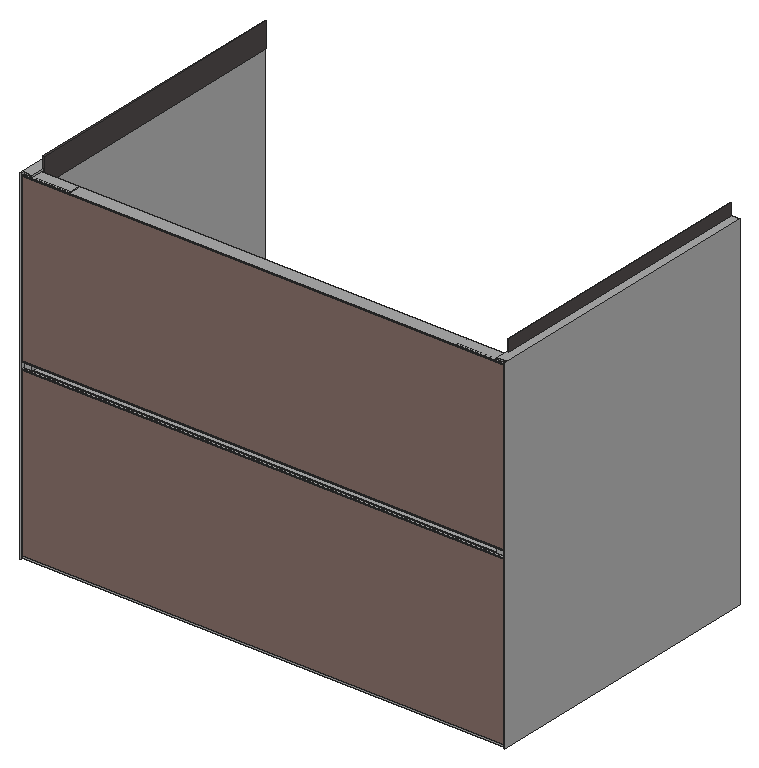
Revit family "vanity unit-hansgrohe-54180XXX-Xevolos E Vanity unit Slate Matt Grey 780_475 with 2 drawers for washbasin", category Furniture, Revit 2019
Family settings
  OmniClass Number = 23.40.00.00
  OmniClass Title = Equipment and Furnishings
  Work Plane-Based = No
  Always vertical = Yes
  Cut with Voids When Loaded = No
  Shared = Yes
  Room Calculation Point = No
Parameters (values of type "54180730-SLATE_MATT_GREY-DARK_OAK-400")
  etim7_EC011381 = "EC011381"
  WEIGHT = "37.3"
  UNSPSC = "56 | Furniture and Furnishings"
  UNIFORMATII = "E2010 | Fixed Furnishings"
  UNICLASS_2015_CODE = "40_30_78_05"
  UNICLASS2015 = "Pr_40_30_78_05 | Bathroom furniture"
  SURFACE = "DARK_OAK"
  REGION = "Worldwide"
  PRODUCTURL = "https://pro.hansgrohe.com/articledetail--54180770"
  PERMALINK = "54180XXX"
  OMNICLASS = "23-21 19 15 33 13 | Residential Bathroom Specialty Casework"
  OBJECTTYPE = "Object (single object)"
  OBERFLAECHE = "SLATE_MATT_GREY"
  NN = "Vanity unit with 2 drawers for handrinse basin"
  NBSYN = "$ARTNR.-$OBERFLAECHE.-$SURFACE.-$LODLEVEL."
  NB = "54180730-SLATE_MATT_GREY-DARK_OAK-400"
  NAME = "Xevolos E Vanity unit Slate Matt Grey 780/475 with 2 drawers for washbasin"
  Model = "54180730-SLATE_MATT_GREY-DARK_OAK-400"
  Manufacturer = "Hansgrohe"
  MIdent = "{$CADENAS_DATA/23d-libs/hansgrohe/xevolos_furniture/xevolos_vanity_unit_2_drawers_handrinse_basin/vanity_unit_2_drawers_for_handrinse_basin.prj},263 {VTYP=3D},{NB=54180730-SLATE_MATT_GREY-DARK_OAK-400},{LINA=54180730-SLATE_MATT_GREY-DARK_OAK-400},{NN=Vanity unit with 2 drawers for handrinse basin},{DATE=13.03.2023 12:26:32},{GEOMDATE=12.03.2023 06:54:00},{VERSION=},{LINEID=750},{WBVAR=LODLEVEL},{WBNUMERIC=}  {NB=54180730-SLATE_MATT_GREY-DARK_OAK-400},{LINA=54180730-SLATE_MATT_GREY-DARK_OAK-400},{KT=DUMMY},{IDNR=26},{ARTNR=54180730},{BASENUMBER=54180},{MODEL=54180XXX},{OBERFLAECHE=SLATE_MATT_GREY},{SURFACE=DARK_OAK},{L=780},{LODLEVEL=400},{LODLEVELX='400','400','200','200'},{NAME=Xevolos E Vanity unit Slate Matt Grey 780/475 with 2 drawers for washbasin},{PERMALINK=54180XXX},{OBJECTTYPE=Object (single object)},{BIMOBJECT=Sanitary: Compound units},{COLLECTIONSET=Xevolos E},{COLLECTION=vanity unit},{WEIGHT=37.3},{DESCRIPTION=Xevolos E Vanity unit Slate Matt Grey 780/475 with 2 drawers for washbasin},{PRODUCTURL=https://pro.hansgrohe.com/articledetail--54180770},{GTINCODE=0},{TENDERURL=0},{IFC=Furnishing element},{ETIM=EC011381 | Bathroom furniture set},{UNICLASS2015=Pr_40_30_78_05 | Bathroom furniture},{OMNICLASS=23-21 19 15 33 13 | Residential Bathroom Specialty Casework},{MASTERFORMAT=12 35 30.23 | Bathroom Casework},{UNSPSC=56 | Furniture and Furnishings},{UNIFORMATII=E2010 | Fixed Furnishings},{REGION=Worldwide},{DESIGN=Germany},{MANUFACTURER=Germany}"
  MASTERFORMAT = "12 35 30.23 | Bathroom Casework"
  LODLEVEL = "400"
  LINA = "54180730-SLATE_MATT_GREY-DARK_OAK-400"
  L = 780
  IFC = "Furnishing element"
  IDNR = 26
  ETIM = "EC011381 | Bathroom furniture set"
  DESIGN = "Germany"
  COLLECTIONSET = "Xevolos E"
  COLLECTION = "vanity unit"
  CATALOG = "Hansgrohe"
  BIMOBJECT = "Sanitary: Compound units"
  BASENUMBER = "54180"
  ARTNR = "54180730"
  54180770-SLATE_MATT_GREY-METALLIC_SLATE_GREY-400_RX0RY0RZ0TX0TY0TZ0_V = no
  54180770-SLATE_MATT_GREY-METALLIC_SLATE_GREY-200_RX0RY0RZ0TX0TY0TZ0_V = no
  54180730-SLATE_MATT_GREY-DARK_OAK-400_RX0RY0RZ0TX0TY0TZ0_V = yes
  54180730-SLATE_MATT_GREY-DARK_OAK-200_RX0RY0RZ0TX0TY0TZ0_V = no
  54180390-SLATE_MATT_GREY-PATTEREND_BRONZE-400_RX0RY0RZ0TX0TY0TZ0_V = no
  54180390-SLATE_MATT_GREY-PATTEREND_BRONZE-200_RX0RY0RZ0TX0TY0TZ0_V = no
Types (6, lengths in mm): name | SURFACE | NB | Model | MIdent | LODLEVEL | LINA | IDNR | ARTNR | 54180770-SLATE_MATT_GREY-METALLIC_SLATE_GREY-400_RX0RY0RZ0TX0TY0TZ0_V | 54180770-SLATE_MATT_GREY-METALLIC_SLATE_GREY-200_RX0RY0RZ0TX0TY0TZ0_V | 54180730-SLATE_MATT_GREY-DARK_OAK-400_RX0RY0RZ0TX0TY0TZ0_V | 54180730-SLATE_MATT_GREY-DARK_OAK-200_RX0RY0RZ0TX0TY0TZ0_V | 54180390-SLATE_MATT_GREY-PATTEREND_BRONZE-400_RX0RY0RZ0TX0TY0TZ0_V | 54180390-SLATE_MATT_GREY-PATTEREND_BRONZE-200_RX0RY0RZ0TX0TY0TZ0_V
  54180390-SLATE_MATT_GREY-PATTEREND_BRONZE-200 | "PATTEREND_BRONZE" | "54180390-SLATE_MATT_GREY-PATTEREND_BRONZE-200" | "54180390-SLATE_MATT_GREY-PATTEREND_BRONZE-200" | "{$CADENAS_DATA/23d-libs/hansgrohe/xevolos_furniture/xevolos_vanity_unit_2_drawers_handrinse_basin/vanity_unit_2_drawers_for_handrinse_basin.prj},279 {VTYP=3D},{NB=54180390-SLATE_MATT_GREY-PATTEREND_BRONZE-200},{LINA=54180390-SLATE_MATT_GREY-PATTEREND_BRONZE-200},{NN=Vanity unit with 2 drawers for handrinse basin},{DATE=13.03.2023 12:26:32},{GEOMDATE=12.03.2023 06:54:00},{VERSION=},{LINEID=740},{WBVAR=LODLEVEL},{WBNUMERIC=}  {NB=54180390-SLATE_MATT_GREY-PATTEREND_BRONZE-200},{LINA=54180390-SLATE_MATT_GREY-PATTEREND_BRONZE-200},{KT=DUMMY},{IDNR=25},{ARTNR=54180390},{BASENUMBER=54180},{MODEL=54180XXX},{OBERFLAECHE=SLATE_MATT_GREY},{SURFACE=PATTEREND_BRONZE},{L=780},{LODLEVEL=200},{LODLEVELX='400','400','200','200'},{NAME=Xevolos E Vanity unit Slate Matt Grey 780/475 with 2 drawers for washbasin},{PERMALINK=54180XXX},{OBJECTTYPE=Object (single object)},{BIMOBJECT=Sanitary: Compound units},{COLLECTIONSET=Xevolos E},{COLLECTION=vanity unit},{WEIGHT=37.3},{DESCRIPTION=Xevolos E Vanity unit Slate Matt Grey 780/475 with 2 drawers for washbasin},{PRODUCTURL=https://pro.hansgrohe.com/articledetail--54180770},{GTINCODE=0},{TENDERURL=0},{IFC=Furnishing element},{ETIM=EC011381 | Bathroom furniture set},{UNICLASS2015=Pr_40_30_78_05 | Bathroom furniture},{OMNICLASS=23-21 19 15 33 13 | Residential Bathroom Specialty Casework},{MASTERFORMAT=12 35 30.23 | Bathroom Casework},{UNSPSC=56 | Furniture and Furnishings},{UNIFORMATII=E2010 | Fixed Furnishings},{REGION=Worldwide},{DESIGN=Germany},{MANUFACTURER=Germany}" | "200" | "54180390-SLATE_MATT_GREY-PATTEREND_BRONZE-200" | 25 | "54180390" | no | no | no | no | no | yes
  54180390-SLATE_MATT_GREY-PATTEREND_BRONZE-400 | "PATTEREND_BRONZE" | "54180390-SLATE_MATT_GREY-PATTEREND_BRONZE-400" | "54180390-SLATE_MATT_GREY-PATTEREND_BRONZE-400" | "{$CADENAS_DATA/23d-libs/hansgrohe/xevolos_furniture/xevolos_vanity_unit_2_drawers_handrinse_basin/vanity_unit_2_drawers_for_handrinse_basin.prj},279 {VTYP=3D},{NB=54180390-SLATE_MATT_GREY-PATTEREND_BRONZE-400},{LINA=54180390-SLATE_MATT_GREY-PATTEREND_BRONZE-400},{NN=Vanity unit with 2 drawers for handrinse basin},{DATE=13.03.2023 12:26:32},{GEOMDATE=12.03.2023 06:54:00},{VERSION=},{LINEID=740},{WBVAR=LODLEVEL},{WBNUMERIC=}  {NB=54180390-SLATE_MATT_GREY-PATTEREND_BRONZE-400},{LINA=54180390-SLATE_MATT_GREY-PATTEREND_BRONZE-400},{KT=DUMMY},{IDNR=25},{ARTNR=54180390},{BASENUMBER=54180},{MODEL=54180XXX},{OBERFLAECHE=SLATE_MATT_GREY},{SURFACE=PATTEREND_BRONZE},{L=780},{LODLEVEL=400},{LODLEVELX='400','400','200','200'},{NAME=Xevolos E Vanity unit Slate Matt Grey 780/475 with 2 drawers for washbasin},{PERMALINK=54180XXX},{OBJECTTYPE=Object (single object)},{BIMOBJECT=Sanitary: Compound units},{COLLECTIONSET=Xevolos E},{COLLECTION=vanity unit},{WEIGHT=37.3},{DESCRIPTION=Xevolos E Vanity unit Slate Matt Grey 780/475 with 2 drawers for washbasin},{PRODUCTURL=https://pro.hansgrohe.com/articledetail--54180770},{GTINCODE=0},{TENDERURL=0},{IFC=Furnishing element},{ETIM=EC011381 | Bathroom furniture set},{UNICLASS2015=Pr_40_30_78_05 | Bathroom furniture},{OMNICLASS=23-21 19 15 33 13 | Residential Bathroom Specialty Casework},{MASTERFORMAT=12 35 30.23 | Bathroom Casework},{UNSPSC=56 | Furniture and Furnishings},{UNIFORMATII=E2010 | Fixed Furnishings},{REGION=Worldwide},{DESIGN=Germany},{MANUFACTURER=Germany}" | "400" | "54180390-SLATE_MATT_GREY-PATTEREND_BRONZE-400" | 25 | "54180390" | no | no | no | no | yes | no
  54180730-SLATE_MATT_GREY-DARK_OAK-200 | "DARK_OAK" | "54180730-SLATE_MATT_GREY-DARK_OAK-200" | "54180730-SLATE_MATT_GREY-DARK_OAK-200" | "{$CADENAS_DATA/23d-libs/hansgrohe/xevolos_furniture/xevolos_vanity_unit_2_drawers_handrinse_basin/vanity_unit_2_drawers_for_handrinse_basin.prj},263 {VTYP=3D},{NB=54180730-SLATE_MATT_GREY-DARK_OAK-200},{LINA=54180730-SLATE_MATT_GREY-DARK_OAK-200},{NN=Vanity unit with 2 drawers for handrinse basin},{DATE=13.03.2023 12:26:32},{GEOMDATE=12.03.2023 06:54:00},{VERSION=},{LINEID=750},{WBVAR=LODLEVEL},{WBNUMERIC=}  {NB=54180730-SLATE_MATT_GREY-DARK_OAK-200},{LINA=54180730-SLATE_MATT_GREY-DARK_OAK-200},{KT=DUMMY},{IDNR=26},{ARTNR=54180730},{BASENUMBER=54180},{MODEL=54180XXX},{OBERFLAECHE=SLATE_MATT_GREY},{SURFACE=DARK_OAK},{L=780},{LODLEVEL=200},{LODLEVELX='400','400','200','200'},{NAME=Xevolos E Vanity unit Slate Matt Grey 780/475 with 2 drawers for washbasin},{PERMALINK=54180XXX},{OBJECTTYPE=Object (single object)},{BIMOBJECT=Sanitary: Compound units},{COLLECTIONSET=Xevolos E},{COLLECTION=vanity unit},{WEIGHT=37.3},{DESCRIPTION=Xevolos E Vanity unit Slate Matt Grey 780/475 with 2 drawers for washbasin},{PRODUCTURL=https://pro.hansgrohe.com/articledetail--54180770},{GTINCODE=0},{TENDERURL=0},{IFC=Furnishing element},{ETIM=EC011381 | Bathroom furniture set},{UNICLASS2015=Pr_40_30_78_05 | Bathroom furniture},{OMNICLASS=23-21 19 15 33 13 | Residential Bathroom Specialty Casework},{MASTERFORMAT=12 35 30.23 | Bathroom Casework},{UNSPSC=56 | Furniture and Furnishings},{UNIFORMATII=E2010 | Fixed Furnishings},{REGION=Worldwide},{DESIGN=Germany},{MANUFACTURER=Germany}" | "200" | "54180730-SLATE_MATT_GREY-DARK_OAK-200" | 26 | "54180730" | no | no | no | yes | no | no
  54180730-SLATE_MATT_GREY-DARK_OAK-400 | "DARK_OAK" | "54180730-SLATE_MATT_GREY-DARK_OAK-400" | "54180730-SLATE_MATT_GREY-DARK_OAK-400" | "{$CADENAS_DATA/23d-libs/hansgrohe/xevolos_furniture/xevolos_vanity_unit_2_drawers_handrinse_basin/vanity_unit_2_drawers_for_handrinse_basin.prj},263 {VTYP=3D},{NB=54180730-SLATE_MATT_GREY-DARK_OAK-400},{LINA=54180730-SLATE_MATT_GREY-DARK_OAK-400},{NN=Vanity unit with 2 drawers for handrinse basin},{DATE=13.03.2023 12:26:32},{GEOMDATE=12.03.2023 06:54:00},{VERSION=},{LINEID=750},{WBVAR=LODLEVEL},{WBNUMERIC=}  {NB=54180730-SLATE_MATT_GREY-DARK_OAK-400},{LINA=54180730-SLATE_MATT_GREY-DARK_OAK-400},{KT=DUMMY},{IDNR=26},{ARTNR=54180730},{BASENUMBER=54180},{MODEL=54180XXX},{OBERFLAECHE=SLATE_MATT_GREY},{SURFACE=DARK_OAK},{L=780},{LODLEVEL=400},{LODLEVELX='400','400','200','200'},{NAME=Xevolos E Vanity unit Slate Matt Grey 780/475 with 2 drawers for washbasin},{PERMALINK=54180XXX},{OBJECTTYPE=Object (single object)},{BIMOBJECT=Sanitary: Compound units},{COLLECTIONSET=Xevolos E},{COLLECTION=vanity unit},{WEIGHT=37.3},{DESCRIPTION=Xevolos E Vanity unit Slate Matt Grey 780/475 with 2 drawers for washbasin},{PRODUCTURL=https://pro.hansgrohe.com/articledetail--54180770},{GTINCODE=0},{TENDERURL=0},{IFC=Furnishing element},{ETIM=EC011381 | Bathroom furniture set},{UNICLASS2015=Pr_40_30_78_05 | Bathroom furniture},{OMNICLASS=23-21 19 15 33 13 | Residential Bathroom Specialty Casework},{MASTERFORMAT=12 35 30.23 | Bathroom Casework},{UNSPSC=56 | Furniture and Furnishings},{UNIFORMATII=E2010 | Fixed Furnishings},{REGION=Worldwide},{DESIGN=Germany},{MANUFACTURER=Germany}" | "400" | "54180730-SLATE_MATT_GREY-DARK_OAK-400" | 26 | "54180730" | no | no | yes | no | no | no
  54180770-SLATE_MATT_GREY-METALLIC_SLATE_GREY-200 | "METALLIC_SLATE_GREY" | "54180770-SLATE_MATT_GREY-METALLIC_SLATE_GREY-200" | "54180770-SLATE_MATT_GREY-METALLIC_SLATE_GREY-200" | "{$CADENAS_DATA/23d-libs/hansgrohe/xevolos_furniture/xevolos_vanity_unit_2_drawers_handrinse_basin/vanity_unit_2_drawers_for_handrinse_basin.prj},285 {VTYP=3D},{NB=54180770-SLATE_MATT_GREY-METALLIC_SLATE_GREY-200},{LINA=54180770-SLATE_MATT_GREY-METALLIC_SLATE_GREY-200},{NN=Vanity unit with 2 drawers for handrinse basin},{DATE=13.03.2023 12:26:32},{GEOMDATE=12.03.2023 06:54:00},{VERSION=},{LINEID=760},{WBVAR=LODLEVEL},{WBNUMERIC=}  {NB=54180770-SLATE_MATT_GREY-METALLIC_SLATE_GREY-200},{LINA=54180770-SLATE_MATT_GREY-METALLIC_SLATE_GREY-200},{KT=DUMMY},{IDNR=27},{ARTNR=54180770},{BASENUMBER=54180},{MODEL=54180XXX},{OBERFLAECHE=SLATE_MATT_GREY},{SURFACE=METALLIC_SLATE_GREY},{L=780},{LODLEVEL=200},{LODLEVELX='400','400','200','200'},{NAME=Xevolos E Vanity unit Slate Matt Grey 780/475 with 2 drawers for washbasin},{PERMALINK=54180XXX},{OBJECTTYPE=Object (single object)},{BIMOBJECT=Sanitary: Compound units},{COLLECTIONSET=Xevolos E},{COLLECTION=vanity unit},{WEIGHT=37.3},{DESCRIPTION=Xevolos E Vanity unit Slate Matt Grey 780/475 with 2 drawers for washbasin},{PRODUCTURL=https://pro.hansgrohe.com/articledetail--54180770},{GTINCODE=0},{TENDERURL=0},{IFC=Furnishing element},{ETIM=EC011381 | Bathroom furniture set},{UNICLASS2015=Pr_40_30_78_05 | Bathroom furniture},{OMNICLASS=23-21 19 15 33 13 | Residential Bathroom Specialty Casework},{MASTERFORMAT=12 35 30.23 | Bathroom Casework},{UNSPSC=56 | Furniture and Furnishings},{UNIFORMATII=E2010 | Fixed Furnishings},{REGION=Worldwide},{DESIGN=Germany},{MANUFACTURER=Germany}" | "200" | "54180770-SLATE_MATT_GREY-METALLIC_SLATE_GREY-200" | 27 | "54180770" | no | yes | no | no | no | no
  54180770-SLATE_MATT_GREY-METALLIC_SLATE_GREY-400 | "METALLIC_SLATE_GREY" | "54180770-SLATE_MATT_GREY-METALLIC_SLATE_GREY-400" | "54180770-SLATE_MATT_GREY-METALLIC_SLATE_GREY-400" | "{$CADENAS_DATA/23d-libs/hansgrohe/xevolos_furniture/xevolos_vanity_unit_2_drawers_handrinse_basin/vanity_unit_2_drawers_for_handrinse_basin.prj},285 {VTYP=3D},{NB=54180770-SLATE_MATT_GREY-METALLIC_SLATE_GREY-400},{LINA=54180770-SLATE_MATT_GREY-METALLIC_SLATE_GREY-400},{NN=Vanity unit with 2 drawers for handrinse basin},{DATE=13.03.2023 12:26:32},{GEOMDATE=12.03.2023 06:54:00},{VERSION=},{LINEID=760},{WBVAR=LODLEVEL},{WBNUMERIC=}  {NB=54180770-SLATE_MATT_GREY-METALLIC_SLATE_GREY-400},{LINA=54180770-SLATE_MATT_GREY-METALLIC_SLATE_GREY-400},{KT=DUMMY},{IDNR=27},{ARTNR=54180770},{BASENUMBER=54180},{MODEL=54180XXX},{OBERFLAECHE=SLATE_MATT_GREY},{SURFACE=METALLIC_SLATE_GREY},{L=780},{LODLEVEL=400},{LODLEVELX='400','400','200','200'},{NAME=Xevolos E Vanity unit Slate Matt Grey 780/475 with 2 drawers for washbasin},{PERMALINK=54180XXX},{OBJECTTYPE=Object (single object)},{BIMOBJECT=Sanitary: Compound units},{COLLECTIONSET=Xevolos E},{COLLECTION=vanity unit},{WEIGHT=37.3},{DESCRIPTION=Xevolos E Vanity unit Slate Matt Grey 780/475 with 2 drawers for washbasin},{PRODUCTURL=https://pro.hansgrohe.com/articledetail--54180770},{GTINCODE=0},{TENDERURL=0},{IFC=Furnishing element},{ETIM=EC011381 | Bathroom furniture set},{UNICLASS2015=Pr_40_30_78_05 | Bathroom furniture},{OMNICLASS=23-21 19 15 33 13 | Residential Bathroom Specialty Casework},{MASTERFORMAT=12 35 30.23 | Bathroom Casework},{UNSPSC=56 | Furniture and Furnishings},{UNIFORMATII=E2010 | Fixed Furnishings},{REGION=Worldwide},{DESIGN=Germany},{MANUFACTURER=Germany}" | "400" | "54180770-SLATE_MATT_GREY-METALLIC_SLATE_GREY-400" | 27 | "54180770" | yes | no | no | no | no | no
Reference planes
  plane 1 "Center (Front/Back)": y = 0
  plane 2: z = 0
  plane 3 "Center (Left/Right)": x = 0
Dimensions and locks
  aligned and locked: level to plane 2
Nested families
  nested 1: "54180390-slate_matt_grey-patterend_bronze-200_content" at (0, 0, 0), visible <- "54180390-SLATE_MATT_GREY-PATTEREND_BRONZE-200_RX0RY0RZ0TX0TY0TZ0_V", ContentVisible <- "54180390-SLATE_MATT_GREY-PATTEREND_BRONZE-200_RX0RY0RZ0TX0TY0TZ0_V", type "54180390-SLATE_MATT_GREY-PATTEREND_BRONZE-200_Content"
    with ContentVisible no
  nested 2: "54180390-slate_matt_grey-patterend_bronze-400_content" at (0, 0, 0), visible <- "54180390-SLATE_MATT_GREY-PATTEREND_BRONZE-400_RX0RY0RZ0TX0TY0TZ0_V", ContentVisible <- "54180390-SLATE_MATT_GREY-PATTEREND_BRONZE-400_RX0RY0RZ0TX0TY0TZ0_V", type "54180390-SLATE_MATT_GREY-PATTEREND_BRONZE-400_Content"
    with ContentVisible no
  nested 3: "54180730-slate_matt_grey-dark_oak-200_content" at (0, 0, 0), visible <- "54180730-SLATE_MATT_GREY-DARK_OAK-200_RX0RY0RZ0TX0TY0TZ0_V", ContentVisible <- "54180730-SLATE_MATT_GREY-DARK_OAK-200_RX0RY0RZ0TX0TY0TZ0_V", type "54180730-SLATE_MATT_GREY-DARK_OAK-200_Content"
    with ContentVisible no
  nested 4: "54180730-slate_matt_grey-dark_oak-400_content" at (0, 0, 0), visible <- "54180730-SLATE_MATT_GREY-DARK_OAK-400_RX0RY0RZ0TX0TY0TZ0_V", ContentVisible <- "54180730-SLATE_MATT_GREY-DARK_OAK-400_RX0RY0RZ0TX0TY0TZ0_V", type "54180730-SLATE_MATT_GREY-DARK_OAK-400_Content"
    with ContentVisible yes
  nested 5: "54180770-slate_matt_grey-metallic_slate_grey-200_content" at (0, 0, 0), visible <- "54180770-SLATE_MATT_GREY-METALLIC_SLATE_GREY-200_RX0RY0RZ0TX0TY0TZ0_V", ContentVisible <- "54180770-SLATE_MATT_GREY-METALLIC_SLATE_GREY-200_RX0RY0RZ0TX0TY0TZ0_V", type "54180770-SLATE_MATT_GREY-METALLIC_SLATE_GREY-200_Content"
    with ContentVisible no
  nested 6: "54180770-slate_matt_grey-metallic_slate_grey-400_content" at (0, 0, 0), visible <- "54180770-SLATE_MATT_GREY-METALLIC_SLATE_GREY-400_RX0RY0RZ0TX0TY0TZ0_V", ContentVisible <- "54180770-SLATE_MATT_GREY-METALLIC_SLATE_GREY-400_RX0RY0RZ0TX0TY0TZ0_V", type "54180770-SLATE_MATT_GREY-METALLIC_SLATE_GREY-400_Content"
    with ContentVisible no
Definition of nested family "54180730-slate_matt_grey-dark_oak-400_content"
  Parameters (values of type "54180730-SLATE_MATT_GREY-DARK_OAK-400_Content")
    etim7_EC011381 = "EC011381"
    WEIGHT = "37.3"
    UNSPSC = "56 | Furniture and Furnishings"
    UNIFORMATII = "E2010 | Fixed Furnishings"
    UNICLASS_2015_CODE = "40_30_78_05"
    UNICLASS2015 = "Pr_40_30_78_05 | Bathroom furniture"
    SURFACE = "DARK_OAK"
    REGION = "Worldwide"
    PRODUCTURL = "https://pro.hansgrohe.com/articledetail--54180770"
    PERMALINK = "54180XXX"
    OMNICLASS = "23-21 19 15 33 13 | Residential Bathroom Specialty Casework"
    OBJECTTYPE = "Object (single object)"
    OBERFLAECHE = "SLATE_MATT_GREY"
    NN = "Vanity unit with 2 drawers for handrinse basin"
    NBSYN = "$ARTNR.-$OBERFLAECHE.-$SURFACE.-$LODLEVEL."
    NB = "54180730-SLATE_MATT_GREY-DARK_OAK-400"
    NAME = "Xevolos E Vanity unit Slate Matt Grey 780/475 with 2 drawers for washbasin"
    Model = "54180730-SLATE_MATT_GREY-DARK_OAK-400"
    Manufacturer = "Hansgrohe"
    MASTERFORMAT = "12 35 30.23 | Bathroom Casework"
    LODLEVEL = "400"
    LINA = "54180730-SLATE_MATT_GREY-DARK_OAK-400"
    L = 780
    IFC = "Furnishing element"
    IDNR = 26
    ETIM = "EC011381 | Bathroom furniture set"
    Default Elevation = 1219.2 mm
    DESIGN = "Germany"
    ContentVisible [instance] = yes
    COLLECTIONSET = "Xevolos E"
    COLLECTION = "vanity unit"
    CATALOG = "Hansgrohe"
    BIMOBJECT = "Sanitary: Compound units"
    BASENUMBER = "54180"
    ARTNR = "54180730"
  Reference planes
    plane 1 "Center (Front/Back)": y = 0
    plane 2: z = 0
    plane 3 "Center (Left/Right)": x = 0
  Forms (mm)
    Extrusion 1, solid, visible <- "ContentVisible", detail levels medium+fine
      sketch origin (0, 0, 0) x (1, 0, 0) y (0, 1, 0)
        loop
          line (-390, 0) -> (-390, -472.3) -> (-388, -472.3) -> (-388, -468.3) -> (-374, -468.3) -> (-374, 0) -> (-390, 0)
      from 0 to 556
    Extrusion 2, solid, visible <- "ContentVisible", detail levels medium+fine
      sketch origin (0, 0, 0) x (1, 0, 0) y (0, 1, 0)
        loop
          line (-374, -79) -> (-374, -445.5) -> (374, -445.5) -> (374, -79) -> (-374, -79)
      from 0 to 16
    Extrusion 3, solid, visible <- "ContentVisible", detail levels medium+fine
      sketch origin (0, 0, 0) x (1, 0, 0) y (0, 1, 0)
        loop
          line (374, 0) -> (374, -468.3) -> (388, -468.3) -> (388, -472.3) -> (390, -472.3) -> (390, 0) -> (374, 0)
      from 0 to 556
    Extrusion 4, solid, visible <- "ContentVisible", detail levels medium+fine
      sketch origin (0, 0, 0.5) x (1, 0, 0) y (0, 1, 0)
        loop
          line (-374, -63) -> (-374, -79) -> (374, -79) -> (374, -63) -> (-374, -63)
      from 0 to 126
    Extrusion 5, solid, visible <- "ContentVisible", detail levels medium+fine
      sketch origin (0, 0, 2) x (1, 0, 0) y (0, 1, 0)
        loop
          line (-388, -451) -> (-388, -472.3) -> (388, -472.3) -> (388, -451) -> (-388, -451)
      from 0 to 2
    Extrusion 6, solid, visible <- "ContentVisible", detail levels medium+fine
      sketch origin (0, 0, 554) x (1, 0, 0) y (0, 1, 0)
        loop
          line (-388, -451) -> (-388, -472.3) -> (388, -472.3) -> (388, -451) -> (-388, -451)
      from -2 to 0
    Extrusion 7, solid, visible <- "ContentVisible", detail levels medium+fine
      sketch origin (0, -468.3, 0) x (1, 0, 0) y (0, 0, -1)
        loop
          line (-388, -272.5) -> (388, -272.5) -> (388, -4.5) -> (-388, -4.5) -> (-388, -272.5)
      from -4 to 0
    Extrusion 8, solid, visible <- "ContentVisible", detail levels medium+fine
      sketch origin (0, -468.3, 0) x (1, 0, 0) y (0, 0, -1)
        loop
          line (-388, -553.5) -> (388, -553.5) -> (388, -285.5) -> (-388, -285.5) -> (-388, -553.5)
      from -4 to 0
    Extrusion 9, solid, visible <- "ContentVisible", detail levels medium+fine
      sketch origin (0, 0, 272.5) x (1, 0, 0) y (0, 1, 0)
        loop
          line (-388, -451) -> (-388, -472.3) -> (388, -472.3) -> (388, -451) -> (-388, -451)
      from 0 to 2
    Extrusion 10, solid, visible <- "ContentVisible", detail levels medium+fine
      sketch origin (0, 0, 285.5) x (1, 0, 0) y (0, 1, 0)
        loop
          line (-388, -451) -> (-388, -472.3) -> (388, -472.3) -> (388, -451) -> (-388, -451)
      from -2 to 0
    Extrusion 11, solid, visible <- "ContentVisible", detail levels medium+fine
      sketch origin (0, -468.3, 0) x (1, 0, 0) y (0, 0, -1)
        loop
          line (-388, -274.5) -> (388, -274.5) -> (388, -4.5) -> (-388, -4.5) -> (-388, -274.5)
        loop
          line (-314, -78) -> (-314, -272.5) -> (314, -272.5) -> (314, -78) -> (-314, -78)
      from 0 to 17
    Extrusion 12, solid, visible <- "ContentVisible", detail levels medium+fine
      sketch origin (0, -468.3, 0) x (1, 0, 0) y (0, 0, -1)
        loop
          line (-388, -553.5) -> (-312, -553.5) -> (-312, -361.5) -> (312, -361.5) -> (312, -553.5) -> (388, -553.5) -> (388, -285.5) -> (-388, -285.5) -> (-388, -553.5)
      from 0 to 17
    Extrusion 13, solid, visible <- "ContentVisible", detail levels medium+fine
      sketch origin (-374, 0, 0) x (0, 0, -1) y (0, 1, 0)
        loop
          line (-574, 0) -> (-574, -446) -> (-534, -446) -> (-534, 0) -> (-574, 0)
      from 0 to 2
    Extrusion 14, solid, visible <- "ContentVisible", detail levels medium+fine
      sketch origin (374, 0, 0) x (0, 0, -1) y (0, 1, 0)
        loop
          line (-574, 0) -> (-574, -446) -> (-534, -446) -> (-534, 0) -> (-574, 0)
      from 0 to 2
    Extrusion 15, solid, visible <- "ContentVisible", detail levels medium+fine
      sketch origin (0, 0, 0) x (0, 0, -1) y (0, 1, 0)
        loop
          line (-285, -319.5) -> (-285, -444) -> (-269, -444) -> (-269, -319.5) -> (-285, -319.5)
      from -374 to 374
    Extrusion 16, solid, visible <- "ContentVisible", detail levels coarse
      sketch origin (0, -236.15, 0) x (1, 0, 0) y (0, 1, 0)
        loop
          line (-390, -236.15) -> (390, -236.15) -> (390, 236.15) -> (-390, 236.15) -> (-390, -236.15)
      from 0 to 574
  Dimensions and locks
    aligned and locked: level to plane 2
Definition of nested family "54180390-slate_matt_grey-patterend_bronze-200_content"
  Parameters (values of type "54180390-SLATE_MATT_GREY-PATTEREND_BRONZE-200_Content")
    etim7_EC011381 = "EC011381"
    WEIGHT = "37.3"
    UNSPSC = "56 | Furniture and Furnishings"
    UNIFORMATII = "E2010 | Fixed Furnishings"
    UNICLASS_2015_CODE = "40_30_78_05"
    UNICLASS2015 = "Pr_40_30_78_05 | Bathroom furniture"
    SURFACE = "PATTEREND_BRONZE"
    REGION = "Worldwide"
    PRODUCTURL = "https://pro.hansgrohe.com/articledetail--54180770"
    PERMALINK = "54180XXX"
    OMNICLASS = "23-21 19 15 33 13 | Residential Bathroom Specialty Casework"
    OBJECTTYPE = "Object (single object)"
    OBERFLAECHE = "SLATE_MATT_GREY"
    NN = "Vanity unit with 2 drawers for handrinse basin"
    NBSYN = "$ARTNR.-$OBERFLAECHE.-$SURFACE.-$LODLEVEL."
    NB = "54180390-SLATE_MATT_GREY-PATTEREND_BRONZE-200"
    NAME = "Xevolos E Vanity unit Slate Matt Grey 780/475 with 2 drawers for washbasin"
    Model = "54180390-SLATE_MATT_GREY-PATTEREND_BRONZE-200"
    Manufacturer = "Hansgrohe"
    MASTERFORMAT = "12 35 30.23 | Bathroom Casework"
    LODLEVEL = "200"
    LINA = "54180390-SLATE_MATT_GREY-PATTEREND_BRONZE-200"
    L = 780
    IFC = "Furnishing element"
    IDNR = 25
    ETIM = "EC011381 | Bathroom furniture set"
    Default Elevation = 1219.2 mm
    DESIGN = "Germany"
    ContentVisible [instance] = yes
    COLLECTIONSET = "Xevolos E"
    COLLECTION = "vanity unit"
    CATALOG = "Hansgrohe"
    BIMOBJECT = "Sanitary: Compound units"
    BASENUMBER = "54180"
    ARTNR = "54180390"
  Reference planes
    plane 1 "Center (Front/Back)": y = 0
    plane 2: z = 0
    plane 3 "Center (Left/Right)": x = 0
  Forms (mm)
    Extrusion 1, solid, visible <- "ContentVisible", detail levels medium+fine
      sketch origin (0, 0, 0) x (1, 0, 0) y (0, 1, 0)
        loop
          line (-390, 0) -> (-390, -468.3) -> (390, -468.3) -> (390, 0) -> (-390, 0)
      from 0 to 556
    Extrusion 2, solid, visible <- "ContentVisible", detail levels medium+fine
      sketch origin (0, -468.3, 0) x (1, 0, 0) y (0, 0, -1)
        loop
          line (-390, -278) -> (-388, -278) -> (-388, -4) -> (388, -4) -> (388, -278) -> (390, -278) -> (390, -2) -> (-390, -2) -> (-390, -278)
      from -4 to 0
    Extrusion 3, solid, visible <- "ContentVisible", detail levels medium+fine
      sketch origin (0, -468.3, 0) x (1, 0, 0) y (0, 0, -1)
        loop
          line (-390, -278) -> (-390, -554) -> (390, -554) -> (390, -278) -> (388, -278) -> (388, -552) -> (-388, -552) -> (-388, -278) -> (-390, -278)
      from -4 to 0
    Extrusion 4, solid, visible <- "ContentVisible", detail levels medium+fine
      sketch origin (0, -468.3, 0) x (1, 0, 0) y (0, 0, -1)
        loop
          line (-388, -272.5) -> (388, -272.5) -> (388, -4.5) -> (-388, -4.5) -> (-388, -272.5)
      from -4 to 0
    Extrusion 5, solid, visible <- "ContentVisible", detail levels medium+fine
      sketch origin (0, -468.3, 0) x (1, 0, 0) y (0, 0, -1)
        loop
          line (-388, -553.5) -> (388, -553.5) -> (388, -285.5) -> (-388, -285.5) -> (-388, -553.5)
      from -4 to 0
    Extrusion 6, solid, visible <- "ContentVisible", detail levels medium+fine
      sketch origin (-374, 0, 0) x (0, 0, -1) y (0, 1, 0)
        loop
          line (-574, 0) -> (-574, -446) -> (-534, -446) -> (-534, 0) -> (-574, 0)
      from 0 to 2
    Extrusion 7, solid, visible <- "ContentVisible", detail levels medium+fine
      sketch origin (374, 0, 0) x (0, 0, -1) y (0, 1, 0)
        loop
          line (-574, 0) -> (-574, -446) -> (-534, -446) -> (-534, 0) -> (-574, 0)
      from 0 to 2
    Extrusion 8, solid, visible <- "ContentVisible", detail levels coarse
      sketch origin (0, -236.15, 0) x (1, 0, 0) y (0, 1, 0)
        loop
          line (-390, -236.15) -> (390, -236.15) -> (390, 236.15) -> (-390, 236.15) -> (-390, -236.15)
      from 0 to 574
  Dimensions and locks
    aligned and locked: level to plane 2
Definition of nested family "54180390-slate_matt_grey-patterend_bronze-400_content"
  Parameters (values of type "54180390-SLATE_MATT_GREY-PATTEREND_BRONZE-400_Content")
    etim7_EC011381 = "EC011381"
    WEIGHT = "37.3"
    UNSPSC = "56 | Furniture and Furnishings"
    UNIFORMATII = "E2010 | Fixed Furnishings"
    UNICLASS_2015_CODE = "40_30_78_05"
    UNICLASS2015 = "Pr_40_30_78_05 | Bathroom furniture"
    SURFACE = "PATTEREND_BRONZE"
    REGION = "Worldwide"
    PRODUCTURL = "https://pro.hansgrohe.com/articledetail--54180770"
    PERMALINK = "54180XXX"
    OMNICLASS = "23-21 19 15 33 13 | Residential Bathroom Specialty Casework"
    OBJECTTYPE = "Object (single object)"
    OBERFLAECHE = "SLATE_MATT_GREY"
    NN = "Vanity unit with 2 drawers for handrinse basin"
    NBSYN = "$ARTNR.-$OBERFLAECHE.-$SURFACE.-$LODLEVEL."
    NB = "54180390-SLATE_MATT_GREY-PATTEREND_BRONZE-400"
    NAME = "Xevolos E Vanity unit Slate Matt Grey 780/475 with 2 drawers for washbasin"
    Model = "54180390-SLATE_MATT_GREY-PATTEREND_BRONZE-400"
    Manufacturer = "Hansgrohe"
    MASTERFORMAT = "12 35 30.23 | Bathroom Casework"
    LODLEVEL = "400"
    LINA = "54180390-SLATE_MATT_GREY-PATTEREND_BRONZE-400"
    L = 780
    IFC = "Furnishing element"
    IDNR = 25
    ETIM = "EC011381 | Bathroom furniture set"
    Default Elevation = 1219.2 mm
    DESIGN = "Germany"
    ContentVisible [instance] = yes
    COLLECTIONSET = "Xevolos E"
    COLLECTION = "vanity unit"
    CATALOG = "Hansgrohe"
    BIMOBJECT = "Sanitary: Compound units"
    BASENUMBER = "54180"
    ARTNR = "54180390"
  Reference planes
    plane 1 "Center (Front/Back)": y = 0
    plane 2: z = 0
    plane 3 "Center (Left/Right)": x = 0
  Forms (mm)
    Extrusion 1, solid, visible <- "ContentVisible", detail levels medium+fine
      sketch origin (0, 0, 0) x (1, 0, 0) y (0, 1, 0)
        loop
          line (-390, 0) -> (-390, -472.3) -> (-388, -472.3) -> (-388, -468.3) -> (-374, -468.3) -> (-374, 0) -> (-390, 0)
      from 0 to 556
    Extrusion 2, solid, visible <- "ContentVisible", detail levels medium+fine
      sketch origin (0, 0, 0) x (1, 0, 0) y (0, 1, 0)
        loop
          line (-374, -79) -> (-374, -445.5) -> (374, -445.5) -> (374, -79) -> (-374, -79)
      from 0 to 16
    Extrusion 3, solid, visible <- "ContentVisible", detail levels medium+fine
      sketch origin (0, 0, 0) x (1, 0, 0) y (0, 1, 0)
        loop
          line (374, 0) -> (374, -468.3) -> (388, -468.3) -> (388, -472.3) -> (390, -472.3) -> (390, 0) -> (374, 0)
      from 0 to 556
    Extrusion 4, solid, visible <- "ContentVisible", detail levels medium+fine
      sketch origin (0, 0, 0.5) x (1, 0, 0) y (0, 1, 0)
        loop
          line (-374, -63) -> (-374, -79) -> (374, -79) -> (374, -63) -> (-374, -63)
      from 0 to 126
    Extrusion 5, solid, visible <- "ContentVisible", detail levels medium+fine
      sketch origin (0, 0, 2) x (1, 0, 0) y (0, 1, 0)
        loop
          line (-388, -451) -> (-388, -472.3) -> (388, -472.3) -> (388, -451) -> (-388, -451)
      from 0 to 2
    Extrusion 6, solid, visible <- "ContentVisible", detail levels medium+fine
      sketch origin (0, 0, 554) x (1, 0, 0) y (0, 1, 0)
        loop
          line (-388, -451) -> (-388, -472.3) -> (388, -472.3) -> (388, -451) -> (-388, -451)
      from -2 to 0
    Extrusion 7, solid, visible <- "ContentVisible", detail levels medium+fine
      sketch origin (0, -468.3, 0) x (1, 0, 0) y (0, 0, -1)
        loop
          line (-388, -272.5) -> (388, -272.5) -> (388, -4.5) -> (-388, -4.5) -> (-388, -272.5)
      from -4 to 0
    Extrusion 8, solid, visible <- "ContentVisible", detail levels medium+fine
      sketch origin (0, -468.3, 0) x (1, 0, 0) y (0, 0, -1)
        loop
          line (-388, -553.5) -> (388, -553.5) -> (388, -285.5) -> (-388, -285.5) -> (-388, -553.5)
      from -4 to 0
    Extrusion 9, solid, visible <- "ContentVisible", detail levels medium+fine
      sketch origin (0, 0, 272.5) x (1, 0, 0) y (0, 1, 0)
        loop
          line (-388, -451) -> (-388, -472.3) -> (388, -472.3) -> (388, -451) -> (-388, -451)
      from 0 to 2
    Extrusion 10, solid, visible <- "ContentVisible", detail levels medium+fine
      sketch origin (0, 0, 285.5) x (1, 0, 0) y (0, 1, 0)
        loop
          line (-388, -451) -> (-388, -472.3) -> (388, -472.3) -> (388, -451) -> (-388, -451)
      from -2 to 0
    Extrusion 11, solid, visible <- "ContentVisible", detail levels medium+fine
      sketch origin (0, -468.3, 0) x (1, 0, 0) y (0, 0, -1)
        loop
          line (-388, -274.5) -> (388, -274.5) -> (388, -4.5) -> (-388, -4.5) -> (-388, -274.5)
        loop
          line (-314, -78) -> (-314, -272.5) -> (314, -272.5) -> (314, -78) -> (-314, -78)
      from 0 to 17
    Extrusion 12, solid, visible <- "ContentVisible", detail levels medium+fine
      sketch origin (0, -468.3, 0) x (1, 0, 0) y (0, 0, -1)
        loop
          line (-388, -553.5) -> (-312, -553.5) -> (-312, -361.5) -> (312, -361.5) -> (312, -553.5) -> (388, -553.5) -> (388, -285.5) -> (-388, -285.5) -> (-388, -553.5)
      from 0 to 17
    Extrusion 13, solid, visible <- "ContentVisible", detail levels medium+fine
      sketch origin (-374, 0, 0) x (0, 0, -1) y (0, 1, 0)
        loop
          line (-574, 0) -> (-574, -446) -> (-534, -446) -> (-534, 0) -> (-574, 0)
      from 0 to 2
    Extrusion 14, solid, visible <- "ContentVisible", detail levels medium+fine
      sketch origin (374, 0, 0) x (0, 0, -1) y (0, 1, 0)
        loop
          line (-574, 0) -> (-574, -446) -> (-534, -446) -> (-534, 0) -> (-574, 0)
      from 0 to 2
    Extrusion 15, solid, visible <- "ContentVisible", detail levels medium+fine
      sketch origin (0, 0, 0) x (0, 0, -1) y (0, 1, 0)
        loop
          line (-285, -319.5) -> (-285, -444) -> (-269, -444) -> (-269, -319.5) -> (-285, -319.5)
      from -374 to 374
    Extrusion 16, solid, visible <- "ContentVisible", detail levels coarse
      sketch origin (0, -236.15, 0) x (1, 0, 0) y (0, 1, 0)
        loop
          line (-390, -236.15) -> (390, -236.15) -> (390, 236.15) -> (-390, 236.15) -> (-390, -236.15)
      from 0 to 574
  Dimensions and locks
    aligned and locked: level to plane 2
Definition of nested family "54180730-slate_matt_grey-dark_oak-200_content"
  Parameters (values of type "54180730-SLATE_MATT_GREY-DARK_OAK-200_Content")
    etim7_EC011381 = "EC011381"
    WEIGHT = "37.3"
    UNSPSC = "56 | Furniture and Furnishings"
    UNIFORMATII = "E2010 | Fixed Furnishings"
    UNICLASS_2015_CODE = "40_30_78_05"
    UNICLASS2015 = "Pr_40_30_78_05 | Bathroom furniture"
    SURFACE = "DARK_OAK"
    REGION = "Worldwide"
    PRODUCTURL = "https://pro.hansgrohe.com/articledetail--54180770"
    PERMALINK = "54180XXX"
    OMNICLASS = "23-21 19 15 33 13 | Residential Bathroom Specialty Casework"
    OBJECTTYPE = "Object (single object)"
    OBERFLAECHE = "SLATE_MATT_GREY"
    NN = "Vanity unit with 2 drawers for handrinse basin"
    NBSYN = "$ARTNR.-$OBERFLAECHE.-$SURFACE.-$LODLEVEL."
    NB = "54180730-SLATE_MATT_GREY-DARK_OAK-200"
    NAME = "Xevolos E Vanity unit Slate Matt Grey 780/475 with 2 drawers for washbasin"
    Model = "54180730-SLATE_MATT_GREY-DARK_OAK-200"
    Manufacturer = "Hansgrohe"
    MASTERFORMAT = "12 35 30.23 | Bathroom Casework"
    LODLEVEL = "200"
    LINA = "54180730-SLATE_MATT_GREY-DARK_OAK-200"
    L = 780
    IFC = "Furnishing element"
    IDNR = 26
    ETIM = "EC011381 | Bathroom furniture set"
    Default Elevation = 1219.2 mm
    DESIGN = "Germany"
    ContentVisible [instance] = yes
    COLLECTIONSET = "Xevolos E"
    COLLECTION = "vanity unit"
    CATALOG = "Hansgrohe"
    BIMOBJECT = "Sanitary: Compound units"
    BASENUMBER = "54180"
    ARTNR = "54180730"
  Reference planes
    plane 1 "Center (Front/Back)": y = 0
    plane 2: z = 0
    plane 3 "Center (Left/Right)": x = 0
  Forms (mm)
    Extrusion 1, solid, visible <- "ContentVisible", detail levels medium+fine
      sketch origin (0, 0, 0) x (1, 0, 0) y (0, 1, 0)
        loop
          line (-390, 0) -> (-390, -468.3) -> (390, -468.3) -> (390, 0) -> (-390, 0)
      from 0 to 556
    Extrusion 2, solid, visible <- "ContentVisible", detail levels medium+fine
      sketch origin (0, -468.3, 0) x (1, 0, 0) y (0, 0, -1)
        loop
          line (-390, -278) -> (-388, -278) -> (-388, -4) -> (388, -4) -> (388, -278) -> (390, -278) -> (390, -2) -> (-390, -2) -> (-390, -278)
      from -4 to 0
    Extrusion 3, solid, visible <- "ContentVisible", detail levels medium+fine
      sketch origin (0, -468.3, 0) x (1, 0, 0) y (0, 0, -1)
        loop
          line (-390, -278) -> (-390, -554) -> (390, -554) -> (390, -278) -> (388, -278) -> (388, -552) -> (-388, -552) -> (-388, -278) -> (-390, -278)
      from -4 to 0
    Extrusion 4, solid, visible <- "ContentVisible", detail levels medium+fine
      sketch origin (0, -468.3, 0) x (1, 0, 0) y (0, 0, -1)
        loop
          line (-388, -272.5) -> (388, -272.5) -> (388, -4.5) -> (-388, -4.5) -> (-388, -272.5)
      from -4 to 0
    Extrusion 5, solid, visible <- "ContentVisible", detail levels medium+fine
      sketch origin (0, -468.3, 0) x (1, 0, 0) y (0, 0, -1)
        loop
          line (-388, -553.5) -> (388, -553.5) -> (388, -285.5) -> (-388, -285.5) -> (-388, -553.5)
      from -4 to 0
    Extrusion 6, solid, visible <- "ContentVisible", detail levels medium+fine
      sketch origin (-374, 0, 0) x (0, 0, -1) y (0, 1, 0)
        loop
          line (-574, 0) -> (-574, -446) -> (-534, -446) -> (-534, 0) -> (-574, 0)
      from 0 to 2
    Extrusion 7, solid, visible <- "ContentVisible", detail levels medium+fine
      sketch origin (374, 0, 0) x (0, 0, -1) y (0, 1, 0)
        loop
          line (-574, 0) -> (-574, -446) -> (-534, -446) -> (-534, 0) -> (-574, 0)
      from 0 to 2
    Extrusion 8, solid, visible <- "ContentVisible", detail levels coarse
      sketch origin (0, -236.15, 0) x (1, 0, 0) y (0, 1, 0)
        loop
          line (-390, -236.15) -> (390, -236.15) -> (390, 236.15) -> (-390, 236.15) -> (-390, -236.15)
      from 0 to 574
  Dimensions and locks
    aligned and locked: level to plane 2
Definition of nested family "54180770-slate_matt_grey-metallic_slate_grey-200_content"
  Parameters (values of type "54180770-SLATE_MATT_GREY-METALLIC_SLATE_GREY-200_Content")
    etim7_EC011381 = "EC011381"
    WEIGHT = "37.3"
    UNSPSC = "56 | Furniture and Furnishings"
    UNIFORMATII = "E2010 | Fixed Furnishings"
    UNICLASS_2015_CODE = "40_30_78_05"
    UNICLASS2015 = "Pr_40_30_78_05 | Bathroom furniture"
    SURFACE = "METALLIC_SLATE_GREY"
    REGION = "Worldwide"
    PRODUCTURL = "https://pro.hansgrohe.com/articledetail--54180770"
    PERMALINK = "54180XXX"
    OMNICLASS = "23-21 19 15 33 13 | Residential Bathroom Specialty Casework"
    OBJECTTYPE = "Object (single object)"
    OBERFLAECHE = "SLATE_MATT_GREY"
    NN = "Vanity unit with 2 drawers for handrinse basin"
    NBSYN = "$ARTNR.-$OBERFLAECHE.-$SURFACE.-$LODLEVEL."
    NB = "54180770-SLATE_MATT_GREY-METALLIC_SLATE_GREY-200"
    NAME = "Xevolos E Vanity unit Slate Matt Grey 780/475 with 2 drawers for washbasin"
    Model = "54180770-SLATE_MATT_GREY-METALLIC_SLATE_GREY-200"
    Manufacturer = "Hansgrohe"
    MASTERFORMAT = "12 35 30.23 | Bathroom Casework"
    LODLEVEL = "200"
    LINA = "54180770-SLATE_MATT_GREY-METALLIC_SLATE_GREY-200"
    L = 780
    IFC = "Furnishing element"
    IDNR = 27
    ETIM = "EC011381 | Bathroom furniture set"
    Default Elevation = 1219.2 mm
    DESIGN = "Germany"
    ContentVisible [instance] = yes
    COLLECTIONSET = "Xevolos E"
    COLLECTION = "vanity unit"
    CATALOG = "Hansgrohe"
    BIMOBJECT = "Sanitary: Compound units"
    BASENUMBER = "54180"
    ARTNR = "54180770"
  Reference planes
    plane 1 "Center (Front/Back)": y = 0
    plane 2: z = 0
    plane 3 "Center (Left/Right)": x = 0
  Forms (mm)
    Extrusion 1, solid, visible <- "ContentVisible", detail levels medium+fine
      sketch origin (0, 0, 0) x (1, 0, 0) y (0, 1, 0)
        loop
          line (-390, 0) -> (-390, -468.3) -> (390, -468.3) -> (390, 0) -> (-390, 0)
      from 0 to 556
    Extrusion 2, solid, visible <- "ContentVisible", detail levels medium+fine
      sketch origin (0, -468.3, 0) x (1, 0, 0) y (0, 0, -1)
        loop
          line (-390, -278) -> (-388, -278) -> (-388, -4) -> (388, -4) -> (388, -278) -> (390, -278) -> (390, -2) -> (-390, -2) -> (-390, -278)
      from -4 to 0
    Extrusion 3, solid, visible <- "ContentVisible", detail levels medium+fine
      sketch origin (0, -468.3, 0) x (1, 0, 0) y (0, 0, -1)
        loop
          line (-390, -278) -> (-390, -554) -> (390, -554) -> (390, -278) -> (388, -278) -> (388, -552) -> (-388, -552) -> (-388, -278) -> (-390, -278)
      from -4 to 0
    Extrusion 4, solid, visible <- "ContentVisible", detail levels medium+fine
      sketch origin (0, -468.3, 0) x (1, 0, 0) y (0, 0, -1)
        loop
          line (-388, -272.5) -> (388, -272.5) -> (388, -4.5) -> (-388, -4.5) -> (-388, -272.5)
      from -4 to 0
    Extrusion 5, solid, visible <- "ContentVisible", detail levels medium+fine
      sketch origin (0, -468.3, 0) x (1, 0, 0) y (0, 0, -1)
        loop
          line (-388, -553.5) -> (388, -553.5) -> (388, -285.5) -> (-388, -285.5) -> (-388, -553.5)
      from -4 to 0
    Extrusion 6, solid, visible <- "ContentVisible", detail levels medium+fine
      sketch origin (-374, 0, 0) x (0, 0, -1) y (0, 1, 0)
        loop
          line (-574, 0) -> (-574, -446) -> (-534, -446) -> (-534, 0) -> (-574, 0)
      from 0 to 2
    Extrusion 7, solid, visible <- "ContentVisible", detail levels medium+fine
      sketch origin (374, 0, 0) x (0, 0, -1) y (0, 1, 0)
        loop
          line (-574, 0) -> (-574, -446) -> (-534, -446) -> (-534, 0) -> (-574, 0)
      from 0 to 2
    Extrusion 8, solid, visible <- "ContentVisible", detail levels coarse
      sketch origin (0, -236.15, 0) x (1, 0, 0) y (0, 1, 0)
        loop
          line (-390, -236.15) -> (390, -236.15) -> (390, 236.15) -> (-390, 236.15) -> (-390, -236.15)
      from 0 to 574
  Dimensions and locks
    aligned and locked: level to plane 2
Definition of nested family "54180770-slate_matt_grey-metallic_slate_grey-400_content"
  Parameters (values of type "54180770-SLATE_MATT_GREY-METALLIC_SLATE_GREY-400_Content")
    etim7_EC011381 = "EC011381"
    WEIGHT = "37.3"
    UNSPSC = "56 | Furniture and Furnishings"
    UNIFORMATII = "E2010 | Fixed Furnishings"
    UNICLASS_2015_CODE = "40_30_78_05"
    UNICLASS2015 = "Pr_40_30_78_05 | Bathroom furniture"
    SURFACE = "METALLIC_SLATE_GREY"
    REGION = "Worldwide"
    PRODUCTURL = "https://pro.hansgrohe.com/articledetail--54180770"
    PERMALINK = "54180XXX"
    OMNICLASS = "23-21 19 15 33 13 | Residential Bathroom Specialty Casework"
    OBJECTTYPE = "Object (single object)"
    OBERFLAECHE = "SLATE_MATT_GREY"
    NN = "Vanity unit with 2 drawers for handrinse basin"
    NBSYN = "$ARTNR.-$OBERFLAECHE.-$SURFACE.-$LODLEVEL."
    NB = "54180770-SLATE_MATT_GREY-METALLIC_SLATE_GREY-400"
    NAME = "Xevolos E Vanity unit Slate Matt Grey 780/475 with 2 drawers for washbasin"
    Model = "54180770-SLATE_MATT_GREY-METALLIC_SLATE_GREY-400"
    Manufacturer = "Hansgrohe"
    MASTERFORMAT = "12 35 30.23 | Bathroom Casework"
    LODLEVEL = "400"
    LINA = "54180770-SLATE_MATT_GREY-METALLIC_SLATE_GREY-400"
    L = 780
    IFC = "Furnishing element"
    IDNR = 27
    ETIM = "EC011381 | Bathroom furniture set"
    Default Elevation = 1219.2 mm
    DESIGN = "Germany"
    ContentVisible [instance] = yes
    COLLECTIONSET = "Xevolos E"
    COLLECTION = "vanity unit"
    CATALOG = "Hansgrohe"
    BIMOBJECT = "Sanitary: Compound units"
    BASENUMBER = "54180"
    ARTNR = "54180770"
  Reference planes
    plane 1 "Center (Front/Back)": y = 0
    plane 2: z = 0
    plane 3 "Center (Left/Right)": x = 0
  Forms (mm)
    Extrusion 1, solid, visible <- "ContentVisible", detail levels medium+fine
      sketch origin (0, 0, 0) x (1, 0, 0) y (0, 1, 0)
        loop
          line (-390, 0) -> (-390, -472.3) -> (-388, -472.3) -> (-388, -468.3) -> (-374, -468.3) -> (-374, 0) -> (-390, 0)
      from 0 to 556
    Extrusion 2, solid, visible <- "ContentVisible", detail levels medium+fine
      sketch origin (0, 0, 0) x (1, 0, 0) y (0, 1, 0)
        loop
          line (-374, -79) -> (-374, -445.5) -> (374, -445.5) -> (374, -79) -> (-374, -79)
      from 0 to 16
    Extrusion 3, solid, visible <- "ContentVisible", detail levels medium+fine
      sketch origin (0, 0, 0) x (1, 0, 0) y (0, 1, 0)
        loop
          line (374, 0) -> (374, -468.3) -> (388, -468.3) -> (388, -472.3) -> (390, -472.3) -> (390, 0) -> (374, 0)
      from 0 to 556
    Extrusion 4, solid, visible <- "ContentVisible", detail levels medium+fine
      sketch origin (0, 0, 0.5) x (1, 0, 0) y (0, 1, 0)
        loop
          line (-374, -63) -> (-374, -79) -> (374, -79) -> (374, -63) -> (-374, -63)
      from 0 to 126
    Extrusion 5, solid, visible <- "ContentVisible", detail levels medium+fine
      sketch origin (0, 0, 2) x (1, 0, 0) y (0, 1, 0)
        loop
          line (-388, -451) -> (-388, -472.3) -> (388, -472.3) -> (388, -451) -> (-388, -451)
      from 0 to 2
    Extrusion 6, solid, visible <- "ContentVisible", detail levels medium+fine
      sketch origin (0, 0, 554) x (1, 0, 0) y (0, 1, 0)
        loop
          line (-388, -451) -> (-388, -472.3) -> (388, -472.3) -> (388, -451) -> (-388, -451)
      from -2 to 0
    Extrusion 7, solid, visible <- "ContentVisible", detail levels medium+fine
      sketch origin (0, -468.3, 0) x (1, 0, 0) y (0, 0, -1)
        loop
          line (-388, -272.5) -> (388, -272.5) -> (388, -4.5) -> (-388, -4.5) -> (-388, -272.5)
      from -4 to 0
    Extrusion 8, solid, visible <- "ContentVisible", detail levels medium+fine
      sketch origin (0, -468.3, 0) x (1, 0, 0) y (0, 0, -1)
        loop
          line (-388, -553.5) -> (388, -553.5) -> (388, -285.5) -> (-388, -285.5) -> (-388, -553.5)
      from -4 to 0
    Extrusion 9, solid, visible <- "ContentVisible", detail levels medium+fine
      sketch origin (0, 0, 272.5) x (1, 0, 0) y (0, 1, 0)
        loop
          line (-388, -451) -> (-388, -472.3) -> (388, -472.3) -> (388, -451) -> (-388, -451)
      from 0 to 2
    Extrusion 10, solid, visible <- "ContentVisible", detail levels medium+fine
      sketch origin (0, 0, 285.5) x (1, 0, 0) y (0, 1, 0)
        loop
          line (-388, -451) -> (-388, -472.3) -> (388, -472.3) -> (388, -451) -> (-388, -451)
      from -2 to 0
    Extrusion 11, solid, visible <- "ContentVisible", detail levels medium+fine
      sketch origin (0, -468.3, 0) x (1, 0, 0) y (0, 0, -1)
        loop
          line (-388, -274.5) -> (388, -274.5) -> (388, -4.5) -> (-388, -4.5) -> (-388, -274.5)
        loop
          line (-314, -78) -> (-314, -272.5) -> (314, -272.5) -> (314, -78) -> (-314, -78)
      from 0 to 17
    Extrusion 12, solid, visible <- "ContentVisible", detail levels medium+fine
      sketch origin (0, -468.3, 0) x (1, 0, 0) y (0, 0, -1)
        loop
          line (-388, -553.5) -> (-312, -553.5) -> (-312, -361.5) -> (312, -361.5) -> (312, -553.5) -> (388, -553.5) -> (388, -285.5) -> (-388, -285.5) -> (-388, -553.5)
      from 0 to 17
    Extrusion 13, solid, visible <- "ContentVisible", detail levels medium+fine
      sketch origin (-374, 0, 0) x (0, 0, -1) y (0, 1, 0)
        loop
          line (-574, 0) -> (-574, -446) -> (-534, -446) -> (-534, 0) -> (-574, 0)
      from 0 to 2
    Extrusion 14, solid, visible <- "ContentVisible", detail levels medium+fine
      sketch origin (374, 0, 0) x (0, 0, -1) y (0, 1, 0)
        loop
          line (-574, 0) -> (-574, -446) -> (-534, -446) -> (-534, 0) -> (-574, 0)
      from 0 to 2
    Extrusion 15, solid, visible <- "ContentVisible", detail levels medium+fine
      sketch origin (0, 0, 0) x (0, 0, -1) y (0, 1, 0)
        loop
          line (-285, -319.5) -> (-285, -444) -> (-269, -444) -> (-269, -319.5) -> (-285, -319.5)
      from -374 to 374
    Extrusion 16, solid, visible <- "ContentVisible", detail levels coarse
      sketch origin (0, -236.15, 0) x (1, 0, 0) y (0, 1, 0)
        loop
          line (-390, -236.15) -> (390, -236.15) -> (390, 236.15) -> (-390, 236.15) -> (-390, -236.15)
      from 0 to 574
  Dimensions and locks
    aligned and locked: level to plane 2
